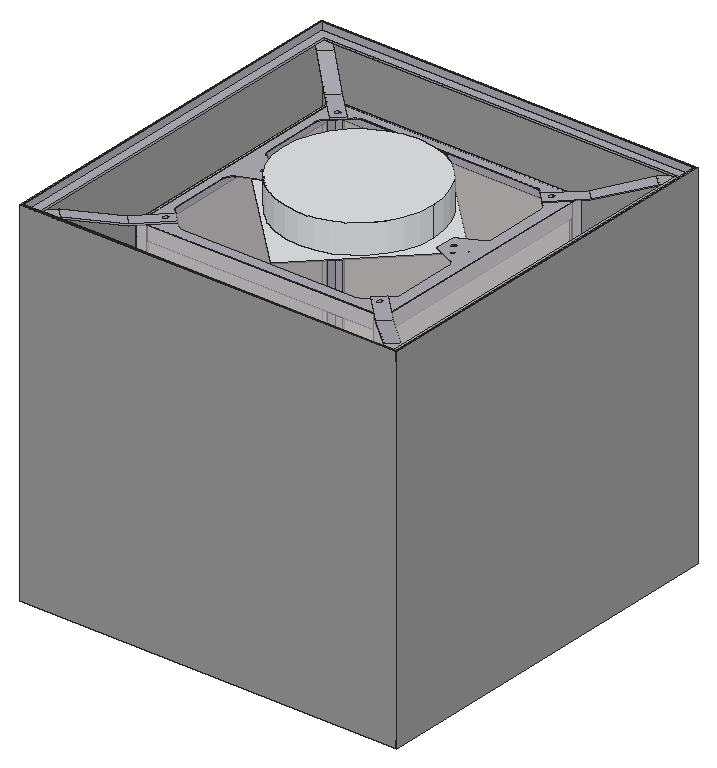
Revit family "Lighting - Lumetta - Pendant - SM2094", category Lighting Fixtures, host Ceiling, Revit 2015
Parameters
  Wattage = 12.1178 W
  built-in parameter 1150110 = 1 (stored number, unit not read)
  URL = "https://lumetta.com/luminaires/shadow-cube-17-pendant/"
  built-in parameter 1114217 = 1 (stored number, unit not read)
  built-in parameter 1150109 = 1 (stored number, unit not read)
  built-in parameter 1150134 = (empty or 0)
  built-in parameter 1150113 = 1 (stored number, unit not read)
  SM2094 URL [instance] = "https://lumetta.com/luminaires/shadow-cube-17-pendant/"
  Model = "SM2094"  # constant formula
  Manufacturer = "Lumetta, Inc."  # constant formula
  Lumens = 1800 lm
  built-in parameter 1150115 = 1 (stored number, unit not read)
  built-in parameter 1150105 = 143.24 (stored number, unit not read)
  Light Source Symbol Size = 0' - 1"
  built-in parameter 1150137 = (empty or 0)
  built-in parameter 1150139 = (empty or 0)
  built-in parameter 1150112 = 1 (stored number, unit not read)
  built-in parameter 1150114 = 1 (stored number, unit not read)
  built-in parameter 1150132 = 2
  built-in parameter 1150102 = (empty or 0)
  built-in parameter 1150138 = (empty or 0)
  built-in parameter 1150107 = 3000 (stored number, unit not read)
  built-in parameter 1150106 = 1.4324 (stored number, unit not read)
  Frame Finish [instance] = Paint - Lumetta - F02 - PC_Chrome
  built-in parameter 1150104 = 13.8 (stored number, unit not read)
  Dimming Lamp Color Temperature Shift = (empty or 0)
  Diffuser Material-Outer [instance] = Shade - Lumetta - D921 - Trans_Cool
  Diffuser Material-Inner [instance] = Shade - Lumetta - D61 - MT_White
  Description = "Shadow Cube 17'' Surface Mount"  # constant formula
  Color Filter = 16777215
  Bottom Lens-Material [instance] = Acrylic - P95 - Etched White
  Bottom Lens [instance] = yes
  built-in parameter 1114218 = 1 (stored number, unit not read)
  built-in parameter 1150133 = 10 (stored number, unit not read)
Reference planes (in)
  plane 1 "Light Source Axis (F/B)": y = 0
  plane 2 "Ceiling": z = 98.08023
  plane 3 "Light Source Axis (L/R)": x = 0
  plane 4 "Light Source Elevation": z = 94.08023
  plane 5 "Fixture Inner Top": z = 96.70523
  plane 6 "Fixture-Height-DIFF-DIFI": z = 85.14273
  plane 7 "Lamping Start": z = 94.94302
  plane 8 "Frame Length-Left": x = -5.75
  plane 9 "Frame Length-Right": x = 5.75
  plane 10 "Frame Width-TOP": y = 5.75
  plane 11 "Frame Width-BTM": y = -5.75
  plane 12 "Outer Frame-Left": x = -8.75
  plane 13 "Outer Frame-Right": x = 8.75
  plane 14 "Outer Frame-Top": y = 8.75
  plane 15 "Outer Frame-BTM": y = -8.75
  plane 16 "Fixture-Height-DIFO": z = 81.08023
  plane 17 "Fixture Outer Top": z = 97.64273
  plane 18 "Shadow Tabs": through (-5.75, -5.75, 90) normal (-0.7071, 0.7071, 0)
Forms (in)
  Extrusion 1, void
    sketch origin (0, 0, 96.70523) x (0, -1, 0) y (1, 0, 0)
      loop
        line (-5.6875, -5.6875) -> (5.6875, -5.6875) -> (5.6875, 5.6875) -> (-5.6875, 5.6875) -> (-5.6875, -5.6875)
    from 0 to -0.73658
  Extrusion 2, solid, material "Paint - Lumetta - F02 - PC_Chrome" <- "Frame Finish"
    sketch origin (0, 0, 85.14273) x (-1, 0, 0) y (0, -1, 0)
      loop
        line (5.75, -5.75) -> (5.75, 5.75) -> (-5.75, 5.75) -> (-5.75, -5.75) -> (5.75, -5.75)
      loop
        arc (5.14063, -5.25) -> (5.21796, -5.21796) -> (5.25, -5.14063) r 0.10938
        line (5.25, -5.14063) -> (5.25, 5.14062)
        arc (5.25, 5.14062) -> (5.21796, 5.21796) -> (5.14063, 5.25) r 0.10938
        line (5.14063, 5.25) -> (-5.14062, 5.25)
        arc (-5.14062, 5.25) -> (-5.21796, 5.21796) -> (-5.25, 5.14062) r 0.10938
        line (-5.25, 5.14062) -> (-5.25, -5.14063)
        arc (-5.25, -5.14063) -> (-5.21796, -5.21796) -> (-5.14062, -5.25) r 0.10938
        line (-5.14062, -5.25) -> (5.14063, -5.25)
    from 0 to 0.39015
  Extrusion 3, void
    sketch origin (0, 0, 85.14273) x (-1, 0, 0) y (0, -1, 0)
      loop
        line (5.6875, -5.6875) -> (5.6875, 5.6875) -> (-5.6875, 5.6875) -> (-5.6875, -5.6875) -> (5.6875, -5.6875)
    from 0.0625 to 0.64163
  Extrusion 4, solid, material "Paint - Lumetta - F02 - PC_Chrome" <- "Frame Finish"
    sketch origin (0, 0, 36.01773) x (0, -1, 0) y (1, 0, 0)
      loop
        line (-5.75, 5.75) -> (-5.75, 5.3125) -> (-5.6875, 5.3125) -> (-5.6875, 5.6875) -> (-5.3125, 5.6875) -> (-5.3125, 5.75) -> (-5.75, 5.75)
      loop
        line (-5.75, -5.75) -> (-5.3125, -5.75) -> (-5.3125, -5.6875) -> (-5.6875, -5.6875) -> (-5.6875, -5.3125) -> (-5.75, -5.3125) -> (-5.75, -5.75)
      loop
        line (5.75, -5.75) -> (5.75, -5.3125) -> (5.6875, -5.3125) -> (5.6875, -5.6875) -> (5.3125, -5.6875) -> (5.3125, -5.75) -> (5.75, -5.75)
      loop
        line (5.75, 5.75) -> (5.3125, 5.75) -> (5.3125, 5.6875) -> (5.6875, 5.6875) -> (5.6875, 5.3125) -> (5.75, 5.3125) -> (5.75, 5.75)
    from 49.125 to 60.6875
  Extrusion 5, solid, material "Shade - Lumetta - D61 - MT_White" <- "Diffuser Material-Inner"
    sketch origin (0, 0, 96.70523) x (0, -1, 0) y (1, 0, 0)
      loop
        line (-5.75, -5.75) -> (5.75, -5.75) -> (5.75, 5.75) -> (-5.75, 5.75) -> (-5.75, -5.75)
      loop
        line (-5.78125, 5.78125) -> (-5.78125, -5.78125) -> (5.78125, -5.78125) -> (5.78125, 5.78125) -> (-5.78125, 5.78125)
    from -11.5625 to 0
  Extrusion 6, solid, material "Acrylic - P95 - Etched White" <- "Bottom Lens-Material", visible <- "Bottom Lens"
    sketch origin (0, 0, 85.14273) x (-1, 0, 0) y (0, -1, 0)
      loop
        line (5.5, -5.5) -> (5.5, 5.5) -> (-5.5, 5.5) -> (-5.5, -5.5) -> (5.5, -5.5)
    from 0.0625 to 0.1875
  Extrusion 7, solid, material "Paint - Lumetta - F11 - PC_White"
    sketch origin (0, 0, 98.08023) x (1, 0, 0) y (0, 1, 0)
      loop
        line (0, 5.12652) -> (-5.12652, 0) -> (0, -5.12652) -> (5.12652, 0) -> (0, 5.12652)
      loop
        circle (0, 0) r 0.53125
    from -1.4348 to -1.375
  Extrusion 8, solid, material "Paint - Lumetta - F11 - PC_White"
    sketch origin (0, 0, 98.08023) x (1, 0, 0) y (0, 1, 0)
      loop
        circle (0, 0) r 3.5
    from -1.3605 to 0
  Extrusion 9, solid, material "Paint - Lumetta - F02 - PC_Chrome" <- "Frame Finish"
    sketch origin (0, 0, 97.64273) x (0, -1, 0) y (1, 0, 0)
      loop
        line (-8.75, -8.75) -> (8.75, -8.75) -> (8.75, 8.75) -> (-8.75, 8.75) -> (-8.75, -8.75)
      loop
        line (8.25, -8.25) -> (8.25, 8.25) -> (-8.25, 8.25) -> (-8.25, -8.25) -> (8.25, -8.25)
    from -0.38652 to 0
  Extrusion 10, void
    sketch origin (0, 0, 97.64273) x (0, -1, 0) y (1, 0, 0)
      loop
        line (-8.6875, -8.6875) -> (8.6875, -8.6875) -> (8.6875, 8.6875) -> (-8.6875, 8.6875) -> (-8.6875, -8.6875)
      loop
        circle (0, 0) r 1
    from -0.3078 to 0
  Extrusion 11, solid, material "Paint - Lumetta - F02 - PC_Chrome" <- "Frame Finish"
    sketch origin (0, 0, 81.08023) x (-1, 0, 0) y (0, -1, 0)
      loop
        line (8.75, -8.75) -> (8.75, 8.75) -> (-8.75, 8.75) -> (-8.75, -8.75) -> (8.75, -8.75)
      loop
        line (8.25, -8.25) -> (8.25, 8.25) -> (-8.25, 8.25) -> (-8.25, -8.25) -> (8.25, -8.25)
    from 0 to 0.36644
  Extrusion 12, void
    sketch origin (0, 0, 81.08023) x (-1, 0, 0) y (0, -1, 0)
      loop
        line (8.6875, -8.6875) -> (8.6875, 8.6875) -> (-8.6875, 8.6875) -> (-8.6875, -8.6875) -> (8.6875, -8.6875)
    from 0.06841 to 0.36644
  Extrusion 13, solid, material "Shade - Lumetta - D921 - Trans_Cool" <- "Diffuser Material-Outer"
    sketch origin (0, 0, 97.64273) x (0, -1, 0) y (1, 0, 0)
      loop
        line (-8.75, -8.75) -> (8.75, -8.75) -> (8.75, 8.75) -> (-8.75, 8.75) -> (-8.75, -8.75)
      loop
        line (8.78125, -8.78125) -> (8.78125, 8.78125) -> (-8.78125, 8.78125) -> (-8.78125, -8.78125) -> (8.78125, -8.78125)
    from -16.5625 to 0
  Extrusion 14, solid, material "Paint - Lumetta - F02 - PC_Chrome" <- "Frame Finish"
    sketch origin (0, 0, 0) x (-0.707107, -0.707107, 0) y (0, 0, 1)
      loop
        line (-10.9608, 97.20523) -> (-12.03437, 97.20523) -> (-12.03437, 97.14273) -> (-10.96797, 97.14273) -> (-8.48678, 96.70523) -> (-6.69437, 96.70523) -> (-6.69437, 96.76773) -> (-8.47961, 96.76773) -> (-10.9608, 97.20523)
    from -0.30669 to 0.31131
  Extrusion 15, solid, material "Paint - Lumetta - F02 - PC_Chrome" <- "Frame Finish"
    sketch origin (0, 0, 96.70523) x (0, -1, 0) y (1, 0, 0)
      loop
        line (-5.75, -5.75) -> (5.75, -5.75) -> (5.75, 5.75) -> (-5.75, 5.75) -> (-5.75, -5.75)
      loop
        line (-0.48919, -4.0625) -> (0.5, -4.0625) -> (0.94857, -5.02446)
        arc (0.94857, -5.02446) -> (1.09271, -5.18882) -> (1.3026, -5.25) r 0.39063
        line (1.3026, -5.25) -> (4.05695, -5.25)
        arc (4.05695, -5.25) -> (4.20643, -5.22027) -> (4.33316, -5.13559) r 0.39063
        line (4.33316, -5.13559) -> (5.13559, -4.33316)
        arc (5.13559, -4.33316) -> (5.22027, -4.20643) -> (5.25, -4.05695) r 0.39063
        line (5.25, -4.05695) -> (5.25, 4.05695)
        arc (5.25, 4.05695) -> (5.22027, 4.20643) -> (5.13559, 4.33316) r 0.39063
        line (5.13559, 4.33316) -> (4.33316, 5.13559)
        arc (4.33316, 5.13559) -> (4.20643, 5.22027) -> (4.05695, 5.25) r 0.39063
        line (4.05695, 5.25) -> (1.3026, 5.25)
        arc (1.3026, 5.25) -> (1.09271, 5.18882) -> (0.94857, 5.02446) r 0.39063
        line (0.94857, 5.02446) -> (0.5, 4.0625) -> (-0.48919, 4.0625) -> (-0.93776, 5.02446)
        arc (-0.93776, 5.02446) -> (-1.0819, 5.18882) -> (-1.29178, 5.25) r 0.39063
        line (-1.29178, 5.25) -> (-4.05695, 5.25)
        arc (-4.05695, 5.25) -> (-4.20643, 5.22027) -> (-4.33316, 5.13559) r 0.39063
        line (-4.33316, 5.13559) -> (-5.13559, 4.33316)
        arc (-5.13559, 4.33316) -> (-5.22027, 4.20643) -> (-5.25, 4.05695) r 0.39063
        line (-5.25, 4.05695) -> (-5.25, -4.05695)
        arc (-5.25, -4.05695) -> (-5.22027, -4.20643) -> (-5.13559, -4.33316) r 0.39063
        line (-5.13559, -4.33316) -> (-4.33316, -5.13559)
        arc (-4.33316, -5.13559) -> (-4.20643, -5.22027) -> (-4.05695, -5.25) r 0.39063
        line (-4.05695, -5.25) -> (-1.29178, -5.25)
        arc (-1.29178, -5.25) -> (-1.0819, -5.18882) -> (-0.93776, -5.02446) r 0.39063
        line (-0.93776, -5.02446) -> (-0.48919, -4.0625)
      loop
        circle (0, -4.4375) r 0.09489
      loop
        circle (0, 4.4375) r 0.09546
      loop
        circle (-5.375, -5.375) r 0.09445
      loop
        circle (-5.375, 5.375) r 0.09445
      loop
        circle (5.375, 5.375) r 0.09445
      loop
        circle (5.375, -5.375) r 0.09445
    from -0.66832 to 0.00794
  Extrusion 16, solid, material "Paint - Lumetta - F02 - PC_Chrome" <- "Frame Finish"
    sketch origin (0, 0, 0) x (0.707107, -0.707107, 0) y (0, 0, 1)
      loop
        line (-10.9608, 97.20523) -> (-12.03437, 97.20523) -> (-12.03437, 97.14273) -> (-10.96797, 97.14273) -> (-8.48678, 96.70523) -> (-6.69437, 96.70523) -> (-6.69437, 96.76773) -> (-8.47961, 96.76773) -> (-10.9608, 97.20523)
    from -0.30669 to 0.31131
  Extrusion 17, solid, material "Paint - Lumetta - F02 - PC_Chrome" <- "Frame Finish"
    sketch origin (0, 0, 0) x (0.707107, 0.707107, 0) y (0, 0, 1)
      loop
        line (-10.9608, 97.20523) -> (-12.03437, 97.20523) -> (-12.03437, 97.14273) -> (-10.96797, 97.14273) -> (-8.48678, 96.70523) -> (-6.69437, 96.70523) -> (-6.69437, 96.76773) -> (-8.47961, 96.76773) -> (-10.9608, 97.20523)
    from -0.30669 to 0.31131
  Extrusion 18, solid, material "Paint - Lumetta - F02 - PC_Chrome" <- "Frame Finish"
    sketch origin (0, 0, 0) x (-0.707107, 0.707107, 0) y (0, 0, 1)
      loop
        line (-10.9608, 97.20523) -> (-12.03437, 97.20523) -> (-12.03437, 97.14273) -> (-10.96797, 97.14273) -> (-8.48678, 96.70523) -> (-6.69437, 96.70523) -> (-6.69437, 96.76773) -> (-8.47961, 96.76773) -> (-10.9608, 97.20523)
    from -0.30669 to 0.31131
  Extrusion 19, void
    sketch origin (0, 0, 96.70523) x (0, -1, 0) y (1, 0, 0)
      loop
        circle (-5, -5) r 0.10937
      loop
        circle (-5, 5) r 0.10937
      loop
        circle (5, -5) r 0.10937
      loop
        circle (5, 5) r 0.10937
    from -0.73658 to 0.0625
Cuts and joins
  Extrusion 3 cuts Extrusion 2
  Extrusion 10 cuts Extrusion 9
  Extrusion 12 cuts Extrusion 11
  Extrusion 19 cuts Extrusion 18
  Extrusion 19 cuts Extrusion 17
  Extrusion 19 cuts Extrusion 14
  Extrusion 19 cuts Extrusion 16
  Extrusion 1 cuts Extrusion 15
Dimensions and locks (in)
  equal spacing: host sketch curve, plane 3 "Light Source Axis (L/R)", host sketch curve
  equal spacing: host sketch curve, plane 1 "Light Source Axis (F/B)", host sketch curve
  host sketch curve to host sketch curve = 10' - 0"  (x2)
  locked: plane 5 "Fixture Inner Top" to plane 4 "Light Source Elevation" at 2.625
  plane 5 "Fixture Inner Top" to plane 6 "Fixture-Height-DIFF-DIFI" = 0' - 11 9/16"
  plane 5 "Fixture Inner Top" to plane 7 "Lamping Start" = 0' - 1.76221"
  locked: cut or joined group of Extrusion 2, Extrusion 3 to plane 6 "Fixture-Height-DIFF-DIFI" at 0.0625
  equal spacing: plane 8 "Frame Length-Left", plane 3 "Light Source Axis (L/R)", plane 9 "Frame Length-Right"
  locked: plane 8 "Frame Length-Left" to plane 9 "Frame Length-Right" at 11.5
  equal spacing: plane 10 "Frame Width-TOP", plane 1 "Light Source Axis (F/B)", plane 11 "Frame Width-BTM"
  locked: plane 10 "Frame Width-TOP" to plane 11 "Frame Width-BTM" at 11.5
  equal spacing: plane 12 "Outer Frame-Left", plane 3 "Light Source Axis (L/R)", plane 13 "Outer Frame-Right"
  equal spacing: plane 15 "Outer Frame-BTM", plane 1 "Light Source Axis (F/B)", plane 14 "Outer Frame-Top"
  locked: plane 12 "Outer Frame-Left" to plane 13 "Outer Frame-Right" at 17.5
  locked: plane 14 "Outer Frame-Top" to plane 15 "Outer Frame-BTM" at 17.5
  locked: Extrusion 4 sketch curve to plane 8 "Frame Length-Left" at 0  (x2)
  locked: Extrusion 4 sketch curve to plane 10 "Frame Width-TOP" at 0  (x2)
  Extrusion 4 sketch curve to plane 11 "Frame Width-BTM" = 0' - 0"
  locked: Extrusion 4 sketch curve to plane 9 "Frame Length-Right" at 0  (x2)
  locked: Extrusion 4 sketch curve to plane 11 "Frame Width-BTM" at 0
  locked: Extrusion 4 sketch curve to plane 10 "Frame Width-TOP" at 0.4375
  locked: Extrusion 4 sketch curve to plane 11 "Frame Width-BTM" at 0.4375
  locked: plane 10 "Frame Width-TOP" to Extrusion 4 sketch curve at 0.4375
  locked: plane 11 "Frame Width-BTM" to Extrusion 4 sketch curve at 0.4375
  Extrusion 5 to plane 9 "Frame Length-Right" = 0' - 0"
  locked: plane 8 "Frame Length-Left" to Extrusion 3 sketch curve at 0.0625
  locked: Extrusion 3 sketch curve to plane 9 "Frame Length-Right" at 0.0625
  locked: plane 8 "Frame Length-Left" to Extrusion 1 sketch curve at 0.0625
  locked: Extrusion 1 sketch curve to plane 9 "Frame Length-Right" at 0.0625
  locked: plane 8 "Frame Length-Left" to Extrusion 2 sketch curve
  locked: Extrusion 2 sketch curve to Extrusion 2 sketch curve at 0.5  (x2)
  locked: Extrusion 2 sketch curve to plane 9 "Frame Length-Right"
  locked: Extrusion 6 sketch curve to plane 9 "Frame Length-Right" at 0.25
  locked: Extrusion 6 sketch curve to plane 10 "Frame Width-TOP" at 0.25
  locked: Extrusion 6 sketch curve to plane 11 "Frame Width-BTM" at 0.25
  locked: plane 8 "Frame Length-Left" to Extrusion 6 sketch curve at 0.25
  locked: Extrusion 5 to plane 6 "Fixture-Height-DIFF-DIFI" at 0
  locked: Extrusion 4 to plane 6 "Fixture-Height-DIFF-DIFI" at 0
  locked: plane 17 "Fixture Outer Top" to plane 5 "Fixture Inner Top" at 0.9375
  plane 17 "Fixture Outer Top" to plane 16 "Fixture-Height-DIFO" = 1' - 4 9/16"
  Extrusion 7 to Extrusion 7 = 0' - 0.0598"
  locked: Extrusion 4 sketch curve to Extrusion 4 sketch curve at 0.4375  (x4)
  locked: Extrusion 4 sketch curve to Extrusion 4 sketch curve at 0.0625  (x8)
  locked: cut or joined group of Extrusion 2, Extrusion 3 to plane 6 "Fixture-Height-DIFF-DIFI" at 0.39015
  locked: plane 10 "Frame Width-TOP" to Extrusion 1 sketch curve at 0.0625
  locked: Extrusion 1 sketch curve to plane 11 "Frame Width-BTM" at 0.0625
  locked: Extrusion 2 sketch curve to plane 10 "Frame Width-TOP" at 0.5
  locked: Extrusion 2 sketch curve to plane 11 "Frame Width-BTM" at 0.5
  locked: Extrusion 3 sketch curve to plane 10 "Frame Width-TOP" at 0.0625
  locked: Extrusion 3 sketch curve to plane 11 "Frame Width-BTM" at 0.0625
  locked: Extrusion 9 sketch curve to plane 14 "Outer Frame-Top" at 0
  locked: Extrusion 9 sketch curve to plane 15 "Outer Frame-BTM" at 0
  locked: Extrusion 9 sketch curve to plane 13 "Outer Frame-Right" at 0
  locked: Extrusion 9 sketch curve to plane 12 "Outer Frame-Left" at 0
  locked: Extrusion 9 sketch curve to Extrusion 9 sketch curve at 0.5  (x4)
  locked: plane 17 "Fixture Outer Top" to Extrusion 9 at 0.38652
  locked: Extrusion 10 sketch curve to plane 14 "Outer Frame-Top" at 0.0625
  locked: Extrusion 10 sketch curve to plane 15 "Outer Frame-BTM" at 0.0625
  locked: plane 12 "Outer Frame-Left" to Extrusion 10 sketch curve at 0.0625
  locked: Extrusion 10 sketch curve to plane 13 "Outer Frame-Right" at 0.0625
  locked: Extrusion 11 sketch curve to plane 12 "Outer Frame-Left" at 0
  locked: Extrusion 11 sketch curve to plane 14 "Outer Frame-Top" at 0
  locked: Extrusion 11 sketch curve to plane 13 "Outer Frame-Right" at 0
  locked: Extrusion 11 sketch curve to plane 15 "Outer Frame-BTM" at 0
  locked: Extrusion 11 sketch curve to Extrusion 11 sketch curve at 0.5  (x4)
  plane 3 "Light Source Axis (L/R)" to Extrusion 11 = 0' - 8 3/4"
  locked: Extrusion 11 to plane 16 "Fixture-Height-DIFO" at 0.36644
  locked: Extrusion 12 sketch curve to plane 14 "Outer Frame-Top" at 0.0625
  locked: plane 12 "Outer Frame-Left" to Extrusion 12 sketch curve at 0.0625
  locked: Extrusion 12 sketch curve to plane 13 "Outer Frame-Right" at 0.0625
  locked: Extrusion 12 sketch curve to plane 15 "Outer Frame-BTM" at 0.0625
  locked: Extrusion 12 to plane 16 "Fixture-Height-DIFO" at 0.06841
  locked: Extrusion 13 sketch curve to plane 12 "Outer Frame-Left" at 0
  locked: Extrusion 13 sketch curve to plane 14 "Outer Frame-Top" at 0
  locked: Extrusion 13 sketch curve to plane 13 "Outer Frame-Right" at 0
  locked: Extrusion 13 sketch curve to plane 15 "Outer Frame-BTM" at 0
  locked: Extrusion 13 sketch curve to Extrusion 13 sketch curve at 0.03125  (x4)
  locked: Extrusion 13 to Extrusion 14 sketch curve at 0.4375
  Extrusion 14 sketch curve to Extrusion 13 = 0' - 0.34"
  locked: Extrusion 14 sketch curve to Extrusion 14 sketch curve at 5.34
  locked: Extrusion 14 to plane 18 "Shadow Tabs" at 0.31131
  locked: Extrusion 14 to plane 18 "Shadow Tabs" at 0.30669
  locked: Extrusion 15 sketch curve to plane 8 "Frame Length-Left" at 0
  locked: Extrusion 15 sketch curve to plane 10 "Frame Width-TOP" at 0
  locked: Extrusion 15 sketch curve to plane 9 "Frame Length-Right" at 0
  locked: Extrusion 15 sketch curve to plane 11 "Frame Width-BTM" at 0
  plane 1 "Light Source Axis (F/B)" to Extrusion 15 sketch curve = 0' - 0.48919"
  locked: Extrusion 15 sketch curve to plane 3 "Light Source Axis (L/R)" at 4.0625
  locked: plane 3 "Light Source Axis (L/R)" to Extrusion 15 sketch curve at 4.0625
  locked: Extrusion 15 sketch curve to plane 3 "Light Source Axis (L/R)" at 4.4375
  locked: plane 3 "Light Source Axis (L/R)" to Extrusion 15 sketch curve at 4.4375
  locked: plane 10 "Frame Width-TOP" to Extrusion 15 sketch curve at 0.375  (x2)
  locked: plane 8 "Frame Length-Left" to Extrusion 15 sketch curve at 0.375  (x2)
  locked: Extrusion 15 sketch curve to plane 9 "Frame Length-Right" at 0.375  (x2)
  locked: Extrusion 15 sketch curve to plane 11 "Frame Width-BTM" at 0.375  (x2)
  locked: Extrusion 5 sketch curve to plane 9 "Frame Length-Right" at 0
  locked: Extrusion 5 sketch curve to plane 11 "Frame Width-BTM" at 0
  locked: Extrusion 5 sketch curve to plane 8 "Frame Length-Left" at 0
  locked: Extrusion 5 sketch curve to plane 10 "Frame Width-TOP" at 0
  locked: Extrusion 5 sketch curve to Extrusion 5 sketch curve at 0.03125  (x4)
  locked: plane 1 "Light Source Axis (F/B)" to Extrusion 15 sketch curve at 0.48919  (x2)
  locked: Extrusion 15 sketch curve to plane 1 "Light Source Axis (F/B)" at 0.5  (x2)
  locked: Extrusion 15 sketch curve to plane 1 "Light Source Axis (F/B)"  (x2)
  locked: Extrusion 16 sketch curve to Extrusion 16 sketch curve at 5.34
  locked: Extrusion 17 sketch curve to Extrusion 17 sketch curve at 5.34
  locked: Extrusion 18 sketch curve to Extrusion 18 sketch curve at 5.34
  locked: Extrusion 19 sketch curve to plane 3 "Light Source Axis (L/R)" at 5
  locked: plane 1 "Light Source Axis (F/B)" to Extrusion 19 sketch curve at 5
  locked: plane 2 "Ceiling" to plane 17 "Fixture Outer Top" at 0.4375
  locked: plane 2 "Ceiling" to host ceiling
  locked: plane 2 "Ceiling" to Extrusion 8 at 1.3605
  locked: Extrusion 8 sketch curve to plane 3 "Light Source Axis (L/R)" at 0
  locked: Extrusion 8 sketch curve to plane 1 "Light Source Axis (F/B)"
  locked: Extrusion 7 sketch curve to Extrusion 7 sketch curve at 3.625  (x4)
  locked: Extrusion 15 sketch curve to plane 1 "Light Source Axis (F/B)" (angle 25.00°)  (x2)
  locked: plane 1 "Light Source Axis (F/B)" to Extrusion 15 sketch curve (angle 25.00°)  (x2)
  locked: Extrusion 14 sketch curve to Extrusion 14 sketch curve (angle 10.00°)
  locked: Extrusion 16 sketch curve to Extrusion 16 sketch curve (angle 10.00°)
  locked: Extrusion 17 sketch curve to Extrusion 17 sketch curve (angle 10.00°)
  locked: Extrusion 18 sketch curve to Extrusion 18 sketch curve (angle 10.00°)
  aligned and locked: plane 3 "Light Source Axis (L/R)" to imposter light
  aligned and locked: plane 1 "Light Source Axis (F/B)" to imposter light
  aligned and locked: plane 4 "Light Source Elevation" to imposter light
  aligned and locked: Extrusion 2 to plane 6 "Fixture-Height-DIFF-DIFI"
  aligned and locked: Extrusion 4 to plane 5 "Fixture Inner Top"
  aligned and locked: plane 2 "Ceiling" to Extrusion 8
  aligned and locked: Extrusion 9 to plane 17 "Fixture Outer Top"
  aligned and locked: Extrusion 10 to plane 17 "Fixture Outer Top"
  aligned and locked: Extrusion 11 to Extrusion 12
  aligned and locked: Extrusion 13 to plane 16 "Fixture-Height-DIFO"
  aligned and locked: Extrusion 13 to plane 17 "Fixture Outer Top"
  aligned and locked: Extrusion 14 to Extrusion 19
  aligned and locked: Extrusion 1 to Extrusion 19
  aligned and locked: Extrusion 5 to plane 5 "Fixture Inner Top"
Automatic sketch dimensions
  Extrusion 2 sketch curve to plane 10 "Frame Width-TOP" = 0' - 0"
  Extrusion 2 sketch curve to plane 11 "Frame Width-BTM" = 0' - 0"
  Extrusion 2 sketch curve to Extrusion 2 sketch curve = 0' - 0 7/64"  (x4)
  plane 1 "Light Source Axis (F/B)" to Extrusion 10 sketch curve = 0' - 0"
  Extrusion 10 sketch curve to plane 3 "Light Source Axis (L/R)" = 0' - 0"
  Extrusion 14 sketch curve to plane 5 "Fixture Inner Top" = 0' - 0"
  Extrusion 14 sketch curve to plane 5 "Fixture Inner Top" = 0' - 0 7/16"
  Extrusion 14 sketch curve to Extrusion 14 sketch curve = 0' - 1 17/256"
  Extrusion 14 sketch curve to Extrusion 14 sketch curve = 0' - 0.00717"
  Extrusion 14 sketch curve to Extrusion 14 sketch curve = 0' - 1.79241"
  Extrusion 14 sketch curve to plane 5 "Fixture Inner Top" = 0' - 0 1/16"
  Extrusion 15 sketch curve to plane 10 "Frame Width-TOP" = 0' - 0 1/2"
  Extrusion 15 sketch curve to Extrusion 15 sketch curve = 0' - 0.11441"  (x3)
  Extrusion 15 sketch curve to Extrusion 15 sketch curve = 0' - 0 25/64"  (x2)
  plane 8 "Frame Length-Left" to Extrusion 15 sketch curve = 0' - 0.61441"  (x2)
  Extrusion 15 sketch curve to Extrusion 15 sketch curve = 0' - 1.04184"  (x4)
  Extrusion 15 sketch curve to plane 9 "Frame Length-Right" = 0' - 0.61441"  (x2)
  Extrusion 15 sketch curve to Extrusion 15 sketch curve = 0' - 0.27621"  (x6)
  Extrusion 15 sketch curve to plane 9 "Frame Length-Right" = 0' - 0 57/64"
  Extrusion 15 sketch curve to Extrusion 15 sketch curve = 0' - 0.8026"  (x2)
  plane 8 "Frame Length-Left" to Extrusion 15 sketch curve = 0' - 0 57/64"
  plane 8 "Frame Length-Left" to Extrusion 15 sketch curve = 0' - 0.72554"  (x2)
  Extrusion 15 sketch curve to plane 9 "Frame Length-Right" = 0' - 0.72554"  (x2)
  Extrusion 15 sketch curve to Extrusion 15 sketch curve = 0' - 0.35403"  (x2)
  Extrusion 15 sketch curve to Extrusion 15 sketch curve = 0' - 1.31805"  (x3)
  plane 11 "Frame Width-BTM" to Extrusion 15 sketch curve = 0' - 0 57/64"  (x2)
  Extrusion 15 sketch curve to Extrusion 15 sketch curve = 0' - 0.22554"
  Extrusion 15 sketch curve to Extrusion 15 sketch curve = 0' - 0.80243"
  Extrusion 15 sketch curve to Extrusion 15 sketch curve = 0' - 0.16509"
  plane 5 "Fixture Inner Top" to Extrusion 16 sketch curve = 0' - 0"
  plane 17 "Fixture Outer Top" to Extrusion 16 sketch curve = 0' - 0 7/16"
  plane 18 "Shadow Tabs" to Extrusion 16 sketch curve = 1' - 0.03437"
  Extrusion 16 sketch curve to plane 5 "Fixture Inner Top" = 0' - 0 7/16"
  Extrusion 16 sketch curve to Extrusion 16 sketch curve = 0' - 1 17/256"
  Extrusion 16 sketch curve to Extrusion 16 sketch curve = 0' - 0.00717"
  Extrusion 16 sketch curve to Extrusion 16 sketch curve = 0' - 1.79241"
  Extrusion 16 sketch curve to plane 5 "Fixture Inner Top" = 0' - 0 1/16"
  plane 5 "Fixture Inner Top" to Extrusion 17 sketch curve = 0' - 0"
  plane 17 "Fixture Outer Top" to Extrusion 17 sketch curve = 0' - 0 7/16"
  Extrusion 17 sketch curve to plane 5 "Fixture Inner Top" = 0' - 0 7/16"
  Extrusion 17 sketch curve to Extrusion 17 sketch curve = 0' - 1 17/256"
  Extrusion 17 sketch curve to Extrusion 17 sketch curve = 0' - 0.00717"
  Extrusion 17 sketch curve to Extrusion 17 sketch curve = 0' - 1.79241"
  Extrusion 17 sketch curve to plane 5 "Fixture Inner Top" = 0' - 0 1/16"
  Extrusion 18 sketch curve to plane 5 "Fixture Inner Top" = 0' - 0"
  plane 17 "Fixture Outer Top" to Extrusion 18 sketch curve = 0' - 0 7/16"
  Extrusion 18 sketch curve to plane 18 "Shadow Tabs" = 1' - 0.03437"
  Extrusion 18 sketch curve to plane 5 "Fixture Inner Top" = 0' - 0 7/16"
  Extrusion 18 sketch curve to Extrusion 18 sketch curve = 0' - 1 17/256"
  Extrusion 18 sketch curve to Extrusion 18 sketch curve = 0' - 0.00717"
  Extrusion 18 sketch curve to Extrusion 18 sketch curve = 0' - 1.79241"
  Extrusion 18 sketch curve to plane 5 "Fixture Inner Top" = 0' - 0 1/16"
  Extrusion 19 sketch curve to plane 18 "Shadow Tabs" = 0' - 0"  (x2)
  Extrusion 19 sketch curve to plane 9 "Frame Length-Right" = 0' - 0 3/4"  (x2)
  plane 11 "Frame Width-BTM" to Extrusion 19 sketch curve = 0' - 0 3/4"
  plane 8 "Frame Length-Left" to Extrusion 19 sketch curve = 0' - 0 3/4"
  plane 1 "Light Source Axis (F/B)" to Extrusion 7 sketch curve = 0' - 0"  (x2)
  Extrusion 7 sketch curve to plane 3 "Light Source Axis (L/R)" = 0' - 0"
  radius of Extrusion 10 sketch curve = 0' - 1"
  radius of Extrusion 15 sketch curve = 0' - 0.09489"
  radius of Extrusion 15 sketch curve = 0' - 0.09546"
  radius of Extrusion 15 sketch curve = 0' - 0.09445"  (x4)
  radius of Extrusion 19 sketch curve = 0' - 0 7/64"  (x4)
  radius of Extrusion 8 sketch curve = 0' - 3 1/2"
  radius of Extrusion 7 sketch curve = 0' - 0 17/32"
